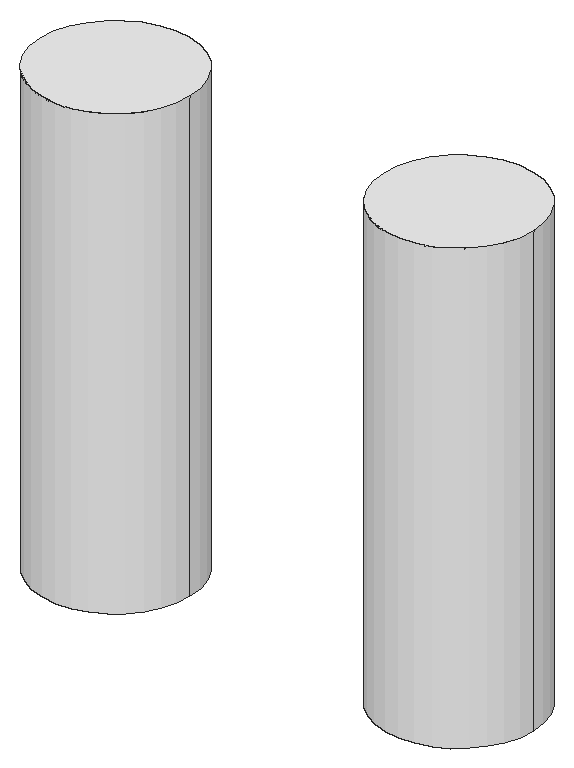
Revit family "52461167(2022)", category Plumbing Fixtures, Revit 2020
Family settings
  Round Connector Dimension = Use Diameter
  Part Type = Normal
  OmniClass Number = 23.45.55.00
  OmniClass Title = Sanitary Faucets, Wastes
  Work Plane-Based = No
  Always vertical = Yes
  Cut with Voids When Loaded = No
  Shared = No
  Room Calculation Point = No
Parameters (values of type "52461167 Washbasin faucet, low pressure ")
  Working Pressure = "50 - 500 kPa"
  WarrantyStartDate [instance] = "n/a"
  WarrantyGuarantorParts = "n/a"
  WarrantyGuarantorLabor = "n/a"
  WarrantyDurationUnit = "Year"
  WarrantyDurationParts = "n/a"
  WarrantyDurationLabor = "n/a"
  WarrantyDescription = "http://warranty.hansa.com"
  Warranty Information URL = "http://warranty.hansa.com"
  VersionDate = "01/06/2023"
  Version = "1"
  ValvePattern = "n/a"
  ValveOperation = "n/a"
  ValveMechanism = "n/a"
  Uniclass2015Reference = "Pr_40_20_87_96"
  Uniclass2015Description = "Washbasin manual water supply sets"
  Uniclass2 = "Pr_40_30_96_96"
  URL REACH = "http://static.hansa.com/doc/reach"
  URL Materials Declaration = "http://www.hansa.com/fileadmin/resources/166752_52461167_materialsdeclaration.pdf"
  URL Environmental Product Declaration EPD = "http://www.hansa.com/fileadmin/resources/184523_EPD_Washbasin faucet.pdf"
  URL EcoLabel Declaration = "http://static.hansa.com/doc/EcoLabel"
  URL EU Packaging Declaration = "http://static.hansa.com/doc/packaging"
  URL Declaration of SCIP = "http://static.hansa.com/doc/SCIP"
  URL Declaration of Conformity = "http://static.hansa.com/DoC/52461167"
  URL Declaration of Asbestos = "http://static.hansa.com/doc/asbestos"
  URL Declaration Of Performance (DOP) = "http://static.hansa.com/doc/DoP"
  URL = ""
  UNSPSC Class Number = "30181700 Faucets or taps"
  Type Comments = ""
  TestPressure = "n/a"
  Temperature Adjustments = "Limitation option for maximum temperature and flow-rate "
  Technical DataSheet URL = "http://www.hansa.com/datasheet/52461167/en"
  TagNumber [instance] = "n/a"
  SustainabilityPerformance = "n/a"
  Surface treatment = "Chrome"
  Spout Type = "Fixed spout"
  Spout Projection = "114 mm"
  Spare-Part Information URL = "http://static.hansa.com/sp/52461167"
  Size = "50x170x200 mm"
  Shape = "Sculptured"
  SerialNumber [instance] = "n/a"
  Sales Package dimensions (LxWxH) = "380 x 180 x 74"
  Revision = "n/a"
  ReplacementCost = "n/a"
  ProductInformation = "n/a"
  Product URL = "http://static.hansa.com/52461167"
  Product Image URL = "http://static.hansa.com/image/52461167"
  Product Family = "HANSAVANTIS XL"
  Product Code = "52461167"
  OperatingMechanismMaterial = "n/a"
  NominalWidth = 46.499 mm
  NominalHeight = 188.503 mm
  NominalDepth = 165.087 mm
  Name_en = "52461167 Washbasin faucet, low pressure"
  Name = "52461167 Washbasin faucet, low pressure"
  NBSReference = "45-35-70/371"
  NBSDescription = "Water supply fittings for wash basins and troughs"
  Mounting Holes = "1 hole"
  ModelReference = "52461167"
  ModelNumber = "n/a"
  Model = "52461167 Washbasin faucet, low pressure"
  Mobile Product Information URL = "http://mpi.hansa.com/52461167"
  Mechanical Parts = "30Cartridge"
  Max. Hot Water Supply = 70 °C
  Material = "Brass"
  Market = "International;Germany;Austria;Belgium;Netherlands;Czech Republic;Slovakia"
  ManufacturerURL = "http://www.hansa.com"
  ManufacturerName = "HANSA"
  Manufacturer = "HANSA"
  Lever Handle = "Single operating lever/handle;Pin shape;Hot/Cold symbols"
  Keynote = ""
  Interactive AR View URL = "https://static.hansa.com/AR/52461167"
  InstallationDate [instance] = "n/a"
  Installation and Maintenance Guide URL = "http://static.hansa.com/manual/52461167"
  Installation Type = "Deck mounted"
  InletConnectionSize = 10 mm
  IfcExportType = "FAUCET"  # constant formula
  IfcExportAs = "IfcValveType"  # constant formula
  Group = "Washbasin faucet"
  Grade = "n/a"
  FlowCoefficient = 0
  Flow Drawing URL = "http://static.hansa.com/flowchart/52461167"
  Finish = "Polished"
  Features = "Single-lever;Low pressure"
  FaucetMainMaterial = Brass
  FDV Document URL = "http://www.hansa.com/datasheet/52461167/en/fdv"
  Extensions = "Pop-up waste with draw-rod"
  ExpectedLife = "n/a"
  ETIM Class Number = "EC011328 Washbasin mixing tap"
  EN Standard = "EN 817"
  EAN Number = "4057304017209"
  DurationUnit = "Year"
  Dimension Drawing URL = "http://static.hansa.com/dimdrw/52461167"
  Description = ""
  DefaultElevation [instance] = 900 mm
  Default Elevation = 0 mm
  Constituents = "n/a"
  Connection Size = "G3/8"
  Connection = "Flexible inlet pipes"
  Color = "Chrome"
  CodePerformance = "n/a"
  CloseOffRating = 0
  Category = "Washbasin"
  Catalog Drawing URL = "http://static.hansa.com/catdrw/52461167"
  CO2 Emissions (D) = -6.77
  CO2 Emissions (C4) = 0.07
  CO2 Emissions (C3) = 0.02
  CO2 Emissions (C2) = 0.02
  CO2 Emissions (A4) = 0.26
  CO2 Emissions (A1-A3) = 9.52
  Brand = "HANSA"
  BodyMaterial = "Brass"
  Barcode [instance] = "n/a"
  Backflow Prevention EN1717 = "AA"
  BIMObjectName = "52461167(2022)"
  Author = "BIMStone"
  AssetType = "Fixed"
  AssetIdentifier [instance] = "n/a"
  Aerator = "Standard aerator;Laminar stream"
  Advanced Features = "Inner body made of DZR brass;3S-installation system for safe and simple mounting"
  AccessibilityPerformance = "n/a"
  3D View = "https://static.hansa.com/AR/52461167"
  2D/3D/BIM Files URL = "http://static.hansa.com/bim/52461167"
Reference planes
  plane 1 "Center (Front/Back)": y = 0
  plane 2: z = 0
  plane 3 "Center (Left/Right)": x = 0
  plane 4: x = -23.249
  plane 5: z = 900
  plane 6: z = 870
  plane 7: y = -165.087
  plane 8: x = 23.249
  plane 9: z = 1088.503
Forms (mm)
  Extrusion 1, solid, material "Brass" <- "FaucetMainMaterial"
    sketch origin (0, -15.454, 0) x (1, 0, 0) y (0, 1, 0)
      loop
        circle (-11.5, -22.5) r 5
      loop
        circle (11.5, -22.5) r 5
    from 870 to 900
Dimensions and locks
  "DefaultElevation": plane 5 to level
  locked: plane 5 to plane 6 at 30
  "NominalDepth": plane 7 to plane 1 "Center (Front/Back)"
  equal spacing: plane 4, plane 3 "Center (Left/Right)", plane 8
  "NominalHeight": plane 9 to plane 5
  "NominalWidth": plane 4 to plane 8
  "InletConnectionSize": diameter of Extrusion 1 sketch curve  (x2)
  aligned and locked: level to plane 2
  aligned and locked: plane 5 to Extrusion 1
  aligned and locked: Extrusion 1 to plane 6
  aligned and locked: plane 1 "Center (Front/Back)" to nested 2
  aligned and locked: plane 3 "Center (Left/Right)" to nested 2
  aligned and locked: plane 3 "Center (Left/Right)" to nested 1
  aligned and locked: plane 1 "Center (Front/Back)" to nested 1
Automatic sketch dimensions
  Extrusion 1 sketch curve to plane 3 "Center (Left/Right)" = 11.5 mm
  plane 3 "Center (Left/Right)" to Extrusion 1 sketch curve = 11.5 mm
  plane 1 "Center (Front/Back)" to Extrusion 1 sketch curve = 37.954 mm  (x2)
Nested families
  nested 1: "Symbol" at (0, 0, 0), type "Symbol", detail levels coarse
  nested 2: "52461167(2022).p" at (0, 0, 900), main material <- "FaucetMainMaterial", type "52461167(2022).p"
    with main material Brass
Connectors
  piping at (-11.5, -37.954, 870), diameter 10, driven by "InletConnectionSize"
    settings: on Extrusion 1, index 1, connector inside diameter 609.6 mm, connector length 0 mm, flow factor 0, pipe flow 0.2 L/s, pressure drop 0.0 Pa, fitting loss kfactor 0, connector angle 0.00°, fixture units 0, engagement length 0 mm, angle of deflection 0.00°, flow configuration 1, flow direction 1, fitting loss method 0, system type 19, joint type 0, gender type 0, connector reference index -1, connector utility 0, adjustable connector no, is connector primary yes, connector description ""
  piping at (11.5, -37.954, 870), diameter 10, driven by "InletConnectionSize"
    settings: on Extrusion 1, index 2, connector inside diameter 609.6 mm, connector length 0 mm, flow factor 0, pipe flow 0.2 L/s, pressure drop 0.0 Pa, fitting loss kfactor 0, connector angle 0.00°, fixture units 0, engagement length 0 mm, angle of deflection 0.00°, flow configuration 1, flow direction 1, fitting loss method 0, system type 20, joint type 0, gender type 0, connector reference index -1, connector utility 0, adjustable connector no, is connector primary no, connector description ""
Definition of nested family "Symbol"
  Reference planes
    plane 1: y = 0
    plane 2: x = 0
  Lines and regions (mm)
    detail lines
      curve 1: line (0, 0, 0) -> (0, -1.8, 0)
      curve 2: line (-0.4, -1.1, 0) -> (0.4, -1.1, 0)
      curve 3: line (-0.4, -1.4, 0) -> (0.4, -1.4, 0)
      curve 4: line (0.863, 0, 0) -> (-0.863, 0, 0)
      curve 5: circle (-1.163, 0, 0) r 0.3 normal (0, 0, -1)
      curve 6: circle (1.163, 0, 0) r 0.3 normal (0, 0, 1)
